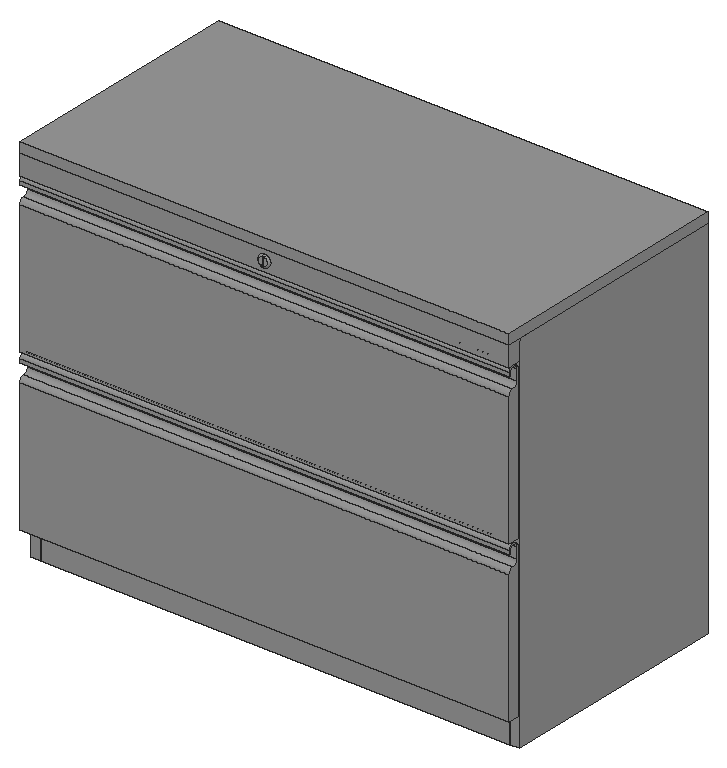
Revit family "ST.FO.LF.2DR.361828 Folio Lateral File Cabinet", category Generic Models, Revit 2018
Family settings
  Can host rebar = No
  Round Connector Dimension = Use Diameter
  Part Type = Normal
  Work Plane-Based = No
  Always vertical = Yes
  Cut with Voids When Loaded = No
  Shared = No
  Room Calculation Point = No
Parameters
  Surface = ST.FO.LF.2DR.361828 Folio Lateral File Surface
Reference planes (in)
  plane 1 "Center (Front/Back)": y = 0
  plane 2: z = 0
  plane 3 "Center (Left/Right)": x = 0
Forms (in)
  Extrusion 1, solid, material "ST.FO.LF.2DR.361828 Folio Lateral File Surface" <- "Surface"
    sketch origin (0, 0, -23.477) x (0, 1, 0) y (0, 0, 1)
      loop
        line (-9.1055, 48.88462) -> (-9.1055, 48.62738) -> (-9.0696, 48.62738) -> (-9.0696, 48.88462)
        arc (-9.0696, 48.88462) -> (-8.74025, 49.21398) -> (-8.4109, 48.88462) r 0.32935
        line (-8.4109, 48.88462) -> (-8.4109, 48.05488)
        arc (-8.4109, 48.05488) -> (-8.51505, 47.80343) -> (-8.7665, 47.69927) r 0.3556
        arc (-8.7665, 47.69927) -> (-9.02, 47.59427) -> (-9.125, 47.34078) r 0.3585
        line (-9.125, 47.34078) -> (-9.125, 37.636) -> (-8.375, 37.636) -> (-8.375, 48.88462)
        arc (-8.375, 48.88462) -> (-8.74025, 49.24988) -> (-9.1055, 48.88462) r 0.36525
    from -18 to 18
  Extrusion 2, solid, material "ST.FO.LF.2DR.361828 Folio Lateral File Surface" <- "Surface"
    sketch origin (0, -11.875, -23.477) x (1, 0, 0) y (0, 0, 1)
      loop
        line (-16.75, 47.476) -> (-16.75, 38.476) -> (16.75, 38.476) -> (16.75, 47.476) -> (-16.75, 47.476)
    from -3.625 to -3.5
  Extrusion 3, solid, material "ST.FO.LF.2DR.361828 Folio Lateral File Surface" <- "Surface"
    sketch origin (0, 0, -35.216) x (0, 1, 0) y (0, 0, 1)
      loop
        line (-9.1055, 48.88462) -> (-9.1055, 48.62738) -> (-9.0696, 48.62738) -> (-9.0696, 48.88462)
        arc (-9.0696, 48.88462) -> (-8.74025, 49.21398) -> (-8.4109, 48.88462) r 0.32935
        line (-8.4109, 48.88462) -> (-8.4109, 48.05488)
        arc (-8.4109, 48.05488) -> (-8.51505, 47.80343) -> (-8.7665, 47.69927) r 0.3556
        arc (-8.7665, 47.69927) -> (-9.02, 47.59427) -> (-9.125, 47.34078) r 0.3585
        line (-9.125, 47.34078) -> (-9.125, 37.636) -> (-8.375, 37.636) -> (-8.375, 48.88462)
        arc (-8.375, 48.88462) -> (-8.74025, 49.24988) -> (-9.1055, 48.88462) r 0.36525
    from -18 to 18
  Extrusion 4, solid, material "ST.FO.LF.2DR.361828 Folio Lateral File Surface" <- "Surface"
    sketch origin (0, 0, -35.216) x (1, 0, 0) y (0, 0, 1)
      loop
        line (-16.625, 47.476) -> (-16.75, 47.476) -> (-16.75, 38.476) -> (-16.625, 38.476) -> (-16.625, 39.101) -> (16.625, 39.101) -> (16.625, 38.476) -> (16.75, 38.476) -> (16.75, 47.476) -> (16.625, 47.476) -> (16.625, 39.226) -> (-16.625, 39.226) -> (-16.625, 47.476)
    from -3.5 to 8.25
  Extrusion 5, solid, material "ST.FO.LF.2DR.361828 Folio Lateral File Surface" <- "Surface"
    sketch origin (0, 0, -35.216) x (1, 0, 0) y (0, 0, 1)
      loop
        line (-16.75, 47.476) -> (-16.75, 38.476) -> (16.75, 38.476) -> (16.75, 47.476) -> (-16.75, 47.476)
    from -3.625 to -3.5
  Extrusion 6, solid, material "ST.FO.LF.2DR.361828 Folio Lateral File Surface" <- "Surface"
    sketch origin (0, -11.875, -35.216) x (1, 0, 0) y (0, 0, 1)
      loop
        line (-16.75, 47.476) -> (-16.75, 38.476) -> (16.75, 38.476) -> (16.75, 47.476) -> (-16.75, 47.476)
    from -3.625 to -3.5
  Extrusion 7, solid, material "ST.FO.LF.2DR.361828 Folio Lateral File Surface" <- "Surface"
    sketch origin (0, 0, 0) x (0, 1, 0) y (0, 0, 1)
      loop
        line (8.375, 2.75) -> (-8.125, 2.75) -> (-8.125, 0.25) -> (-7.375, 0.25) -> (-7.375, 2) -> (8.375, 2) -> (8.375, 2.75)
    from -17.25 to 17.25
  Extrusion 8, solid, material "ST.FO.LF.2DR.361828 Folio Lateral File Surface" <- "Surface"
    sketch origin (-3, 0, 0) x (0, 1, 0) y (0, 0, -1)
      loop
        line (-8.125, -0.25) -> (-8.125, -27.25) -> (9.125, -27.25) -> (9.125, -0.25) -> (-8.125, -0.25)
    from 14.25 to 15
  Extrusion 9, solid, material "ST.FO.LF.2DR.361828 Folio Lateral File Surface" <- "Surface"
    sketch origin (0, 0, 0) x (0, 1, 0) y (0, 0, 1)
      loop
        line (8.375, 27.25) -> (8.375, 0.25) -> (9.125, 0.25) -> (9.125, 27.25) -> (8.375, 27.25)
    from -17.25 to 17.25
  Extrusion 10, solid, material "ST.FO.LF.2DR.361828 Folio Lateral File Surface" <- "Surface"
    sketch origin (0, 0, -23.625) x (0, 1, 0) y (0, 0, 1)
      loop
        line (9.125, 51.625) -> (-9.125, 51.625) -> (-9.125, 50.875) -> (9.125, 50.875) -> (9.125, 51.625)
    from -18 to 18
  Extrusion 11, solid, material "ST.FO.LF.2DR.361828 Folio Lateral File Surface" <- "Surface"
    sketch origin (0, 0, -23.625) x (0, 1, 0) y (0, 0, 1)
      loop
        line (-8.125, 50.875) -> (-9.125, 50.875) -> (-9.125, 49.375) -> (-8.125, 49.375) -> (-8.125, 50.875)
    from -18 to 18
  Revolve 12, solid, material "Folio Glides"
    sketch origin (0, 0, -23.625) x (0, 1, 0) y (0, 0, 1)
      loop
        arc (-9.125, 50.56261) -> (-9.20156, 50.53665) -> (-9.24581, 50.469) r 0.12389
        line (-9.24581, 50.469) -> (-9.24581, 50.125) -> (-9.125, 50.125) -> (-9.125, 50.56261)
      axis (-9.24581, 50.125) -> (-9.125, 50.125)
    angle from 0 to 360
  Extrusion 13, void
    sketch origin (0, 0, -23.625) x (1, 0, 0) y (0, 0, 1)
      loop
        line (-0.0625, 50.408) -> (-0.0625, 49.842) -> (0.0625, 49.842) -> (0.0625, 50.408) -> (-0.0625, 50.408)
    from 9.125 to 9.40721
  Revolve 14, solid, material "Folio Glides"
    sketch origin (-3, -6.6869, 0) x (1, 0, 0) y (0, 0, 1)
      loop
        line (-13.56312, 1.18177) -> (-13.56312, 0) -> (-13.2343, 0)
        arc (-13.2343, 0) -> (-13.21728, 0.0077) -> (-13.21586, 0.02633) r 0.01832
        line (-13.21586, 0.02633) -> (-13.37703, 0.1875) -> (-13.43902, 0.1875) -> (-13.43902, 1.18177) -> (-13.56312, 1.18177)
      axis (-13.56312, 1.18177) -> (-13.56312, 0)
    angle from 0 to 360
  Extrusion 15, solid, material "Folio Glides"
    sketch origin (-3, 0, 0) x (1, 0, 0) y (0, 1, 0)
      loop
        line (-12.1875, -7.375) -> (-14.25, -5.3125) -> (-14.25, -7.375) -> (-12.1875, -7.375)
    from 0.25 to 0.3125
  Revolve 16, solid, material "Folio Glides"
    sketch origin (-3, 7.6869, 0) x (1, 0, 0) y (0, 0, -1)
      loop
        line (-13.56312, -1.18177) -> (-13.43902, -1.18177) -> (-13.43902, -0.1875) -> (-13.37703, -0.1875) -> (-13.21586, -0.02633)
        arc (-13.21586, -0.02633) -> (-13.21728, -0.0077) -> (-13.2343, 0) r 0.01832
        line (-13.2343, 0) -> (-13.56312, 0) -> (-13.56312, -1.18177)
      axis (-13.56312, -1.18177) -> (-13.56312, 0)
    angle from 0 to 360
  Extrusion 17, solid, material "Folio Glides"
    sketch origin (-3, 1, 0) x (1, 0, 0) y (0, 1, 0)
      loop
        line (-12.1875, 7.375) -> (-14.25, 7.375) -> (-14.25, 5.3125) -> (-12.1875, 7.375)
    from 0.25 to 0.3125
  Extrusion 18, solid, material "ST.FO.LF.2DR.361828 Folio Lateral File Surface" <- "Surface"
    sketch origin (3, 0, 0) x (0, 1, 0) y (0, 0, 1)
      loop
        line (-8.125, 0.25) -> (9.125, 0.25) -> (9.125, 27.25) -> (-8.125, 27.25) -> (-8.125, 0.25)
    from 14.25 to 15
  Revolve 19, solid, material "Folio Glides"
    sketch origin (3, -6.6869, 0) x (-1, 0, 0) y (0, 0, -1)
      loop
        line (-13.56312, -1.18177) -> (-13.43902, -1.18177) -> (-13.43902, -0.1875) -> (-13.37703, -0.1875) -> (-13.21586, -0.02633)
        arc (-13.21586, -0.02633) -> (-13.21728, -0.0077) -> (-13.2343, 0) r 0.01832
        line (-13.2343, 0) -> (-13.56312, 0) -> (-13.56312, -1.18177)
      axis (-13.56312, -1.18177) -> (-13.56312, 0)
    angle from 0 to 360
  Extrusion 20, solid, material "Folio Glides"
    sketch origin (3, 0, 0) x (-1, 0, 0) y (0, -1, 0)
      loop
        line (-12.1875, 7.375) -> (-14.25, 7.375) -> (-14.25, 5.3125) -> (-12.1875, 7.375)
    from 0.25 to 0.3125
  Revolve 21, solid, material "Folio Glides"
    sketch origin (3, 7.6869, 0) x (-1, 0, 0) y (0, 0, 1)
      loop
        line (-13.56312, 1.18177) -> (-13.56312, 0) -> (-13.2343, 0)
        arc (-13.2343, 0) -> (-13.21728, 0.0077) -> (-13.21586, 0.02633) r 0.01832
        line (-13.21586, 0.02633) -> (-13.37703, 0.1875) -> (-13.43902, 0.1875) -> (-13.43902, 1.18177) -> (-13.56312, 1.18177)
      axis (-13.56312, 1.18177) -> (-13.56312, 0)
    angle from 0 to 360
  Extrusion 22, solid, material "Folio Glides"
    sketch origin (3, 1, 0) x (-1, 0, 0) y (0, -1, 0)
      loop
        line (-12.1875, -7.375) -> (-14.25, -5.3125) -> (-14.25, -7.375) -> (-12.1875, -7.375)
    from 0.25 to 0.3125
  Extrusion 23, solid, material "ST.FO.LF.2DR.361828 Folio Lateral File Surface" <- "Surface"
    sketch origin (0, 0, -23.477) x (1, 0, 0) y (0, 0, 1)
      loop
        line (-16.625, 47.476) -> (-16.75, 47.476) -> (-16.75, 38.476) -> (-16.625, 38.476) -> (-16.625, 39.101) -> (16.625, 39.101) -> (16.625, 38.476) -> (16.75, 38.476) -> (16.75, 47.476) -> (16.625, 47.476) -> (16.625, 39.226) -> (-16.625, 39.226) -> (-16.625, 47.476)
    from -3.5 to 8.25
  Extrusion 24, solid, material "ST.FO.LF.2DR.361828 Folio Lateral File Surface" <- "Surface"
    sketch origin (0, 0, -23.477) x (1, 0, 0) y (0, 0, 1)
      loop
        line (-16.75, 47.476) -> (-16.75, 38.476) -> (16.75, 38.476) -> (16.75, 47.476) -> (-16.75, 47.476)
    from -3.625 to -3.5
  Extrusion 25, solid, material "ST.FO.LF.2DR.361828 Folio Lateral File Surface" <- "Surface"
    sketch origin (0, -11.875, -23.477) x (1, 0, 0) y (0, 0, 1)
      loop
        line (-16.75, 47.476) -> (-16.75, 38.476) -> (16.75, 38.476) -> (16.75, 47.476) -> (-16.75, 47.476)
    from -3.625 to -3.5
Cuts and joins
  Extrusion 13 cuts Extrusion 11
  Extrusion 13 cuts Revolve 12
Lines and regions (in)
  symbolic lines
    curve 1: line (-30, 0, 0) -> (-30, 0, 28)
    curve 2: line (-30, 0, 28) -> (53, 0, 28)
Dimensions and locks (in)
  aligned and locked: plane 2 to level
